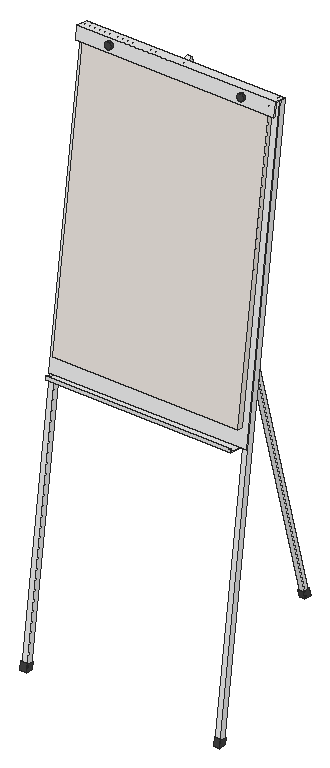
Revit family "a07cd045b3f54a5a8f3b606033cce4c6", category Mobilier, Revit 2021
Family settings
  Basée sur le plan de construction = Non
  Toujours verticalement = Oui
  Couper avec des vides une fois chargée = Non
  Partagée = Non
  Point de calcul de pièce = Non
Parameters
  Support = Plastique - Noir
  Piètement = Métal - Aluminium
  Papier = Papier - Blanc cassé
  Panneau = Bois - Mélaminé blanc
  Largeur = 600 mm
  Hauteur du tableau = 900 mm
  Hauteur = 1650 mm
  Pieds = Plastique - Noir
  Elévation par défaut = 0 mm
  Angle (Côté tableau) = 8.00°
  Angle (Côté pied arrière) = 15.00°
  Afficher le graphique = yes
Reference planes
  plane 1 "Centre (avant/arrière)": y = 0
  plane 2: z = 0
  plane 3 "Centre (gauche/droite)": x = -209.154
  plane 4: z = 1650
  plane 5 "G": x = -509.154
  plane 6 "D": x = 90.846
  plane 7: x = -489.154
  plane 8: x = 70.846
Forms (mm)
  Sweep 1, solid, material "Métal - Aluminium" <- "Piètement"
    path origin (-209.154, 0, 0) x (0, 1, 0) y (0, 0, 1)
      loop
        line (-231.892, 0) -> (0, 1650)
    profile origin (-209.154, -115.946, 825) x (0, -0.990268, 0.139173) y (1, 0, 0)
      loop
        line (0, -300) -> (15, -300) -> (15, -285) -> (0, -285) -> (0, -300)
      loop
        line (0, 300) -> (0, 285) -> (15, 285) -> (15, 300) -> (0, 300)
  Extrusion 2, solid, material "Bois - Mélaminé blanc" <- "Panneau"
    sketch origin (-509.154, 0, 0) x (0, 1, 0) y (0, 0, 1)
      loop
        line (-140.11, 760.846) -> (-14.854, 1652.088) -> (-19.805, 1652.783) -> (-145.061, 761.542) -> (-140.11, 760.846)
    from 0 to 600
  Sweep 3, solid, material "Métal - Aluminium" <- "Piètement"
    path origin (-209.154, 0, 1650) x (0, 0.258819, -0.965926) y (0, 0.965926, 0.258819)
      loop
        line (1708.206, 0) -> (0, 0)
    profile origin (-209.154, 221.058, 825) x (0, -0.965926, -0.258819) y (1, 0, 0)
      loop
        line (-15, -7.5) -> (0, -7.5) -> (0, 7.5) -> (-15, 7.5) -> (-15, -7.5)
  Extrusion 4, solid, material "Métal - Aluminium" <- "Piètement"
    sketch origin (-509.154, 0, 0) x (0, 1, 0) y (0, 0, 1)
      loop
        line (-16.942, 1637.234) -> (-2.088, 1635.146) -> (0, 1650) -> (-14.854, 1652.088) -> (-16.942, 1637.234)
      loop
        line (-140.11, 760.846) -> (-125.256, 758.759) -> (-123.168, 773.613) -> (-138.022, 775.7) -> (-140.11, 760.846)
    from 15 to 585
  Extrusion 5, solid, material "Métal - Aluminium" <- "Piètement"
    sketch origin (-509.154, 0, 0) x (0, 1, 0) y (0, 0, 1)
      loop
        line (0, 1650) -> (0, 1652.02) -> (-36.362, 1657.13) -> (-41.893, 1617.769) -> (-39.913, 1617.491) -> (-34.659, 1654.871) -> (0, 1650)
    from 0 to 600
  Extrusion 6, solid, material "Plastique - Noir" <- "Support"
    sketch origin (-509.154, -41.893, 1617.769) x (0, 0.139173, 0.990268) y (-1, 0, 0)
      loop
        circle (19.874, -100) r 10
      loop
        circle (19.874, -500) r 10
    from 0 to 5
  Extrusion 7, solid, material "Papier - Blanc cassé" <- "Papier"
    sketch origin (-509.154, 0, 0) x (0, 1, 0) y (0, 0, 1)
      loop
        line (-138.184, 811.067) -> (-19.887, 1652.795) -> (-34.659, 1654.871) -> (-152.957, 813.143) -> (-138.184, 811.067)
    from 20 to 580
  Extrusion 8, solid, material "Métal - Aluminium" <- "Piètement"
    sketch origin (-509.154, 0, 0) x (0, 1, 0) y (0, 0, 1)
      loop
        line (-126.047, 758.87) -> (-179.721, 766.413) -> (-179.721, 774.492) -> (-181.721, 774.773) -> (-181.721, 764.675) -> (-126.047, 756.85) -> (-126.047, 758.87)
    from 20 to 580
  Extrusion 9, solid, material "Plastique - Noir" <- "Pieds"
    sketch origin (-509.154, 0, 0) x (0, 1, 0) y (0, 0, 1)
      loop
        line (-229.873, 0) -> (-227.091, 19.796) -> (-245.906, 22.44) -> (-249.059, 0) -> (-229.873, 0)
    from -2 to 17
  Extrusion 10, solid, material "Plastique - Noir"
    sketch origin (90.846, 0, 0) x (0, 1, 0) y (0, 0, 1)
      loop
        line (-227.091, 19.796) -> (-245.906, 22.44) -> (-249.059, 0) -> (-229.873, 0) -> (-227.091, 19.796)
    from 2 to -17
  Extrusion 11, solid, material "Plastique - Noir"
    sketch origin (-209.154, 0, 1650) x (0, 0.258819, -0.965926) y (0, 0.965926, 0.258819)
      loop
        line (1707.67, -2) -> (1712.761, 17) -> (1686.964, 17) -> (1686.964, -2) -> (1707.67, -2)
    from -8.5 to 8.5
Lines and regions (mm)
  reference lines
    curve 1: line (-209.154, 0, 1650) -> (-209.154, -288.588, -403.412)
    curve 2: line (-209.154, 0, 1650) -> (-209.154, 541.028, -369.144)
  model lines, visible <- "Afficher le graphique"
    curve 3: line (-427.055, -49.196, 1551.438) -> (-427.055, -105.987, 1147.347)
    curve 4: line (-427.055, -105.987, 1147.347) -> (42.945, -105.987, 1147.347)
    curve 5: line (-369.112, -107.798, 1134.463) -> (-369.112, -105.987, 1147.347)
    curve 6: line (-311.169, -107.939, 1133.461) -> (-311.169, -105.987, 1147.347)
    curve 7: line (-253.226, -108.08, 1132.459) -> (-253.226, -105.987, 1147.347)
    curve 8: line (-195.283, -108.22, 1131.458) -> (-195.283, -105.987, 1147.347)
    curve 9: line (-137.34, -108.361, 1130.456) -> (-137.34, -105.987, 1147.347)
    curve 10: line (-79.397, -108.502, 1129.455) -> (-79.397, -105.987, 1147.347)
    curve 11: line (-427.055, -95.965, 1218.657) -> (-440.055, -95.965, 1218.657)
    curve 12: line (-427.055, -85.943, 1289.968) -> (-441.055, -85.943, 1289.968)
    curve 13: line (-427.055, -75.921, 1361.278) -> (-442.055, -75.921, 1361.278)
    curve 14: line (-427.055, -65.899, 1432.588) -> (-443.055, -65.899, 1432.588)
    curve 15: line (-427.055, -55.877, 1503.898) -> (-444.055, -55.877, 1503.898)
    curve 18: line (-437.055, -51.606, 1534.286) -> (-427.055, -49.196, 1551.438)
    curve 19: line (-427.055, -49.196, 1551.438) -> (-415.725, -51.217, 1537.058)
    curve 20: line (28.529, -104.829, 1155.589) -> (42.945, -105.987, 1147.347)
    curve 21: line (42.945, -105.987, 1147.347) -> (21.2, -107.089, 1139.51)
    curve 41: line (-21.497, -105.987, 1147.347) -> (-21.497, -108.645, 1128.433)
  model lines, style "Tableau - Ligne rouge", visible <- "Afficher le graphique"
    curve 16: line (-427.055, -105.987, 1147.347) -> (-21.454, -55.893, 1503.789)
  model lines, style "Tableau - Ligne verte", visible <- "Afficher le graphique"
    curve 17: line (-427.055, -105.987, 1147.347) -> (-21.454, -55.893, 1503.789)
  model lines, visible <- "Afficher le graphique", not visible
    curve 22: line (-427.055, -49.196, 1551.438) -> (-427.055, -105.987, 1147.347)
    curve 23: line (-427.055, -105.987, 1147.347) -> (42.945, -105.987, 1147.347)
    curve 24: line (-369.112, -107.798, 1134.463) -> (-369.112, -105.987, 1147.347)
    curve 25: line (-311.169, -107.939, 1133.461) -> (-311.169, -105.987, 1147.347)
    curve 26: line (-253.226, -108.08, 1132.459) -> (-253.226, -105.987, 1147.347)
    curve 27: line (-195.283, -108.22, 1131.458) -> (-195.283, -105.987, 1147.347)
    curve 28: line (-137.34, -108.361, 1130.456) -> (-137.34, -105.987, 1147.347)
    curve 29: line (-79.397, -108.502, 1129.455) -> (-79.397, -105.987, 1147.347)
    curve 30: line (-427.055, -95.965, 1218.657) -> (-440.055, -95.965, 1218.657)
    curve 31: line (-427.055, -85.943, 1289.968) -> (-441.055, -85.943, 1289.968)
    curve 32: line (-427.055, -75.921, 1361.278) -> (-442.055, -75.921, 1361.278)
    curve 33: line (-427.055, -65.899, 1432.588) -> (-443.055, -65.899, 1432.588)
    curve 34: line (-427.055, -55.877, 1503.898) -> (-444.055, -55.877, 1503.898)
    curve 37: line (-437.055, -51.606, 1534.286) -> (-427.055, -49.196, 1551.438)
    curve 38: line (-427.055, -49.196, 1551.438) -> (-415.725, -51.217, 1537.058)
    curve 39: line (28.529, -104.829, 1155.589) -> (42.945, -105.987, 1147.347)
    curve 40: line (42.945, -105.987, 1147.347) -> (21.2, -107.089, 1139.51)
    curve 42: line (-21.497, -105.987, 1147.347) -> (-21.497, -108.645, 1128.433)
  model lines, style "Tableau - Ligne rouge", visible <- "Afficher le graphique", not visible
    curve 35: line (-427.055, -105.987, 1147.347) -> (-21.454, -55.893, 1503.789)
  model lines, style "Tableau - Ligne verte", visible <- "Afficher le graphique", not visible
    curve 36: line (-427.055, -105.987, 1147.347) -> (-21.454, -55.893, 1503.789)
Dimensions and locks
  equal spacing: plane 5 "G", plane 3 "Centre (gauche/droite)", plane 6 "D"
  locked: plane 5 "G" to Sweep 1 sketch curve at 15
  locked: Sweep 1 sketch curve to plane 6 "D" at 15
  locked: profile plane to Sweep 1 sketch curve at 15
  "Largeur": plane 5 "G" to plane 6 "D"
  locked: Extrusion 2 sketch curve to Sweep 1 at 5
  locked: Sweep 3 sketch curve to profile plane at 15
  Sweep 3 sketch curve to curve 2 to Sweep 3 sketch curve = 7.5 mm locked, 7.5 mm locked
  locked: Sweep 1 to Extrusion 4 sketch curve at 15
  "Hauteur": plane 4 to level
  locked: Extrusion 4 sketch curve to Extrusion 4 sketch curve at 15
  locked: Extrusion 5 sketch curve to Extrusion 2 at 2
  locked: Extrusion 5 sketch curve to Extrusion 5 sketch curve at 2
  locked: Extrusion 5 sketch curve to Extrusion 5 sketch curve at 39.747
  locked: Extrusion 5 sketch curve to Extrusion 2 at 15
  equal spacing: Extrusion 5, Extrusion 6 sketch curve, Extrusion 5  (x2)
  locked: Extrusion 6 sketch curve to plane 5 "G" at 100
  locked: plane 6 "D" to Extrusion 6 sketch curve at 100
  "Hauteur du tableau": Extrusion 2 sketch curve to Extrusion 2 sketch curve
  locked: Extrusion 2 to Extrusion 7 sketch curve at 50
  locked: plane 5 "G" to plane 7 at 20
  locked: plane 8 to plane 6 "D" at 20
  locked: Extrusion 8 sketch curve to Extrusion 8 sketch curve at 2  (x2)
  locked: Extrusion 8 sketch curve to Extrusion 8 sketch curve at 10
  locked: Extrusion 8 sketch curve to Sweep 1 at 40
  locked: Extrusion 9 sketch curve to Sweep 1 at 2
  locked: Sweep 1 to Extrusion 9 sketch curve at 2
  locked: Extrusion 9 sketch curve to level at 19.796
  locked: Extrusion 10 sketch curve to Sweep 1 at 2  (x2)
  locked: Extrusion 10 sketch curve to level at 19.796
  locked: Extrusion 11 sketch curve to Sweep 3 at 2
  locked: Sweep 3 to Extrusion 11 sketch curve at 2
  locked: Extrusion 11 sketch curve to level at 20
  "Angle (Côté tableau)": angle curve 1 to plane 1 "Centre (avant/arrière)"
  "Angle (Côté pied arrière)": angle plane 1 "Centre (avant/arrière)" to curve 2
  aligned and locked: plane 4 to Sweep 1 sketch curve
  aligned and locked: Sweep 1 sketch curve to curve 1
  aligned and locked: Sweep 1 sketch curve to Sweep 1 sketch curve  (x2)
  aligned and locked: Sweep 1 sketch curve to profile plane
  aligned and locked: Extrusion 2 sketch curve to Sweep 1
  aligned and locked: Sweep 1 to Extrusion 2 sketch curve
  aligned and locked: plane 6 "D" to Extrusion 2
  aligned and locked: Sweep 3 sketch curve to curve 2
  aligned and locked: profile plane to Sweep 3 sketch curve
  aligned and locked: plane 2 to Sweep 3 sketch curve
  aligned and locked: curve 1 to Extrusion 4 sketch curve
  aligned and locked: Extrusion 4 sketch curve to Sweep 1  (x3)
  aligned and locked: Extrusion 2 to Extrusion 4 sketch curve
  aligned and locked: Extrusion 4 to Sweep 1  (x2)
  aligned and locked: Extrusion 4 sketch curve to Extrusion 2
  aligned and locked: Extrusion 5 sketch curve to Sweep 1
  aligned and locked: Extrusion 5 sketch curve to plane 1 "Centre (avant/arrière)"
  aligned and locked: plane 6 "D" to Extrusion 5
  aligned and locked: Extrusion 7 sketch curve to Extrusion 5  (x2)
  aligned and locked: Extrusion 7 to plane 7
  aligned and locked: plane 8 to Extrusion 7
  aligned and locked: Extrusion 8 sketch curve to Extrusion 4
  aligned and locked: Extrusion 8 to Extrusion 7
  aligned and locked: Extrusion 8 to plane 7
  aligned and locked: plane 2 to Extrusion 9 sketch curve
  aligned and locked: plane 2 to Extrusion 10 sketch curve
  aligned and locked: plane 2 to Extrusion 11 sketch curve
Automatic sketch dimensions
  curve 2 to plane 1 "Centre (avant/arrière)" = 0 mm
  curve 2 to plane 4 = 0 mm
  Sweep 1 sketch curve to level = 0 mm
  Sweep 1 sketch curve to Sweep 1 sketch curve = 15 mm  (x2)
  Sweep 3 sketch curve to curve 2 = 0 mm
  Extrusion 7 sketch curve to Extrusion 7 sketch curve = 14.772 mm
  Extrusion 8 sketch curve to Extrusion 8 sketch curve = 53.673 mm
  curve 3 to curve 21 = 408.062 mm
  curve 3 to curve 21 = 470 mm
  curve 3 to curve 19 = 14.521 mm
  curve 3 to curve 18 = 17.321 mm
  curve 18 to curve 15 = 30.687 mm
  curve 16 to curve 10 = 359.945 mm
  curve 17 to curve 16 = 0 mm  (x2)
  curve 15 to curve 14 = 72.011 mm
  curve 14 to curve 13 = 72.011 mm
  curve 13 to curve 12 = 72.011 mm
  curve 12 to curve 11 = 72.011 mm
  curve 20 to curve 41 = 8.323 mm
  curve 20 to curve 21 = 16.237 mm
  curve 5 to curve 5 = 13.011 mm
  curve 6 to curve 6 = 14.023 mm
  curve 7 to curve 7 = 15.034 mm
  curve 8 to curve 8 = 16.046 mm
  curve 9 to curve 9 = 17.057 mm
  curve 10 to curve 10 = 18.068 mm
  curve 41 to curve 41 = 19.1 mm
  curve 18 to curve 3 = 10 mm
  curve 11 to curve 11 = 13 mm
  curve 12 to curve 12 = 14 mm
  curve 13 to curve 13 = 15 mm
  curve 14 to curve 14 = 16 mm
  curve 15 to curve 15 = 17 mm
  curve 3 to curve 19 = 11.33 mm
  curve 3 to curve 5 = 57.943 mm
  curve 5 to curve 6 = 57.943 mm
  curve 6 to curve 7 = 57.943 mm
  curve 7 to curve 8 = 57.943 mm
  curve 8 to curve 9 = 57.943 mm
  curve 9 to curve 10 = 57.943 mm
  curve 10 to curve 41 = 57.9 mm
  curve 41 to curve 16 = 0.043 mm
  curve 21 to curve 4 = 21.745 mm
  curve 20 to curve 4 = 14.416 mm
  curve 22 to curve 40 = 408.062 mm
  curve 22 to curve 40 = 470 mm
  curve 22 to curve 38 = 14.521 mm
  curve 22 to curve 37 = 17.321 mm
  curve 37 to curve 34 = 30.687 mm
  curve 35 to curve 29 = 359.945 mm
  curve 36 to curve 35 = 0 mm  (x2)
  curve 34 to curve 33 = 72.011 mm
  curve 33 to curve 32 = 72.011 mm
  curve 32 to curve 31 = 72.011 mm
  curve 31 to curve 30 = 72.011 mm
  curve 39 to curve 42 = 8.323 mm
  curve 39 to curve 40 = 16.237 mm
  curve 24 to curve 24 = 13.011 mm
  curve 25 to curve 25 = 14.023 mm
  curve 26 to curve 26 = 15.034 mm
  curve 27 to curve 27 = 16.046 mm
  curve 28 to curve 28 = 17.057 mm
  curve 29 to curve 29 = 18.068 mm
  curve 42 to curve 42 = 19.1 mm
  curve 37 to curve 22 = 10 mm
  curve 30 to curve 30 = 13 mm
  curve 31 to curve 31 = 14 mm
  curve 32 to curve 32 = 15 mm
  curve 33 to curve 33 = 16 mm
  curve 34 to curve 34 = 17 mm
  curve 22 to curve 38 = 11.33 mm
  curve 22 to curve 24 = 57.943 mm
  curve 24 to curve 25 = 57.943 mm
  curve 25 to curve 26 = 57.943 mm
  curve 26 to curve 27 = 57.943 mm
  curve 27 to curve 28 = 57.943 mm
  curve 28 to curve 29 = 57.943 mm
  curve 29 to curve 42 = 57.9 mm
  curve 42 to curve 35 = 0.043 mm
  curve 40 to curve 23 = 21.745 mm
  curve 39 to curve 23 = 14.416 mm
  radius of Extrusion 6 sketch curve = 10 mm  (x2)
